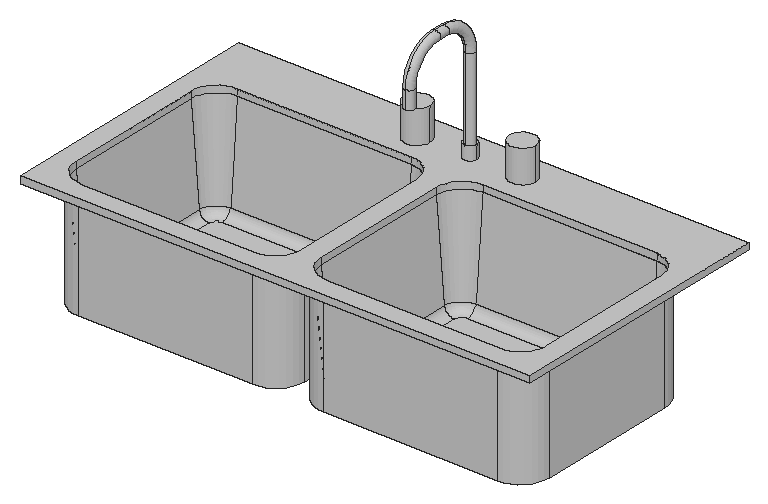
Revit family "Sink Kitchen-Double (NZ)", category 위생기구, Revit 2026
Family settings
  원형 커넥터 치수 = 지름 사용
  부품 유형 = 보통
  작업 기준면 기반 = 아니오
  뷰에서 절단 사용 = 아니오
  항상 수직 = 예
  로드될 때 보이드를 사용하여 절단 = 아니오
  주석 방향 유지 = 아니오
  공유 = 예
  룸 계산 점 = 아니오
Parameters (values of type "1000 x 535mm")
  기본 높이 = 0.00 mm
  Counter Height = 900.00 mm
  Depth = 535.00 mm
  Fixture Material = Metal - Steel, Polished
  Sink Material = Metal - Steel, Polished
  Width = 1000.00 mm
Reference planes
  plane 1 "Center (Front/Back)": y = -35.755
  plane 2: z = 0
  plane 3 "Center (Left/Right)": x = 15.689
  plane 4: y = 269.845
  plane 5: y = -265.155
  plane 6: x = -484.311
  plane 7: x = 515.689
  plane 8 "Top Of Counter": z = 900
  plane 9: z = 912.7
  plane 10: z = 684.1
  plane 11: y = 155.545
  plane 12: x = -446.211
  plane 13: y = -227.055
  plane 14: x = 477.589
  plane 15: x = -85.911
  plane 16: x = 117.289
  plane 17: y = 212.695
  plane 18: y = 212.695
  plane 19: y = 212.695
  plane 20: z = 1163.525
  plane 21: y = 63.47
  plane 22: z = 976.2
  plane 23: z = 938.1
  plane 24: x = -3.361
  plane 25: x = 34.739
  plane 26: x = -215.261
  plane 27: x = 246.639
Forms (mm)
  Extrusion 1, solid, material "Metal - Steel, Polished" <- "Sink Material"
    sketch origin (0, 0, 0) x (1, 0, 0) y (0, 1, 0)
      loop
        line (-484.311, 269.845) -> (-484.311, -265.155) -> (515.689, -265.155) -> (515.689, 269.845) -> (-484.311, 269.845)
      loop
        arc (-395.411, 155.545) -> (-431.332, 140.666) -> (-446.211, 104.745) r 50.8
        line (-446.211, 104.745) -> (-446.211, -176.255)
        arc (-446.211, -176.255) -> (-431.332, -212.176) -> (-395.411, -227.055) r 50.8
        line (-395.411, -227.055) -> (-54.161, -227.055)
        arc (-54.161, -227.055) -> (-18.24, -212.176) -> (-3.361, -176.255) r 50.8
        line (-3.361, -176.255) -> (-3.361, 104.745)
        arc (-3.361, 104.745) -> (-18.24, 140.666) -> (-54.161, 155.545) r 50.8
        line (-54.161, 155.545) -> (-395.411, 155.545)
      loop
        arc (426.789, -227.055) -> (462.71, -212.176) -> (477.589, -176.255) r 50.8
        line (477.589, -176.255) -> (477.589, 104.745)
        arc (477.589, 104.745) -> (462.71, 140.666) -> (426.789, 155.545) r 50.8
        line (426.789, 155.545) -> (85.539, 155.545)
        arc (85.539, 155.545) -> (49.618, 140.666) -> (34.739, 104.745) r 50.8
        line (34.739, 104.745) -> (34.739, -176.255)
        arc (34.739, -176.255) -> (49.618, -212.176) -> (85.539, -227.055) r 50.8
        line (85.539, -227.055) -> (426.789, -227.055)
    from 900 to 912.7
  Sweep 2, solid, material "Metal - Steel, Polished" <- "Sink Material"
    path origin (0, 0, 0) x (1, 0, 0) y (0, 1, 0)
      loop
        arc (-395.411, 155.545) -> (-431.332, 140.666) -> (-446.211, 104.745) r 50.8
        line (-446.211, 104.745) -> (-446.211, -176.255)
        arc (-446.211, -176.255) -> (-431.332, -212.176) -> (-395.411, -227.055) r 50.8
        line (-395.411, -227.055) -> (-54.161, -227.055)
        arc (-54.161, -227.055) -> (-18.24, -212.176) -> (-3.361, -176.255) r 50.8
        line (-3.361, -176.255) -> (-3.361, 104.745)
        arc (-3.361, 104.745) -> (-18.24, 140.666) -> (-54.161, 155.545) r 50.8
        line (-54.161, 155.545) -> (-395.411, 155.545)
    profile origin (-224.786, 0, 0) x (0, 1, 0) y (0, 0, 1)
      loop
        line (155.545, 900) -> (139.011, 711.015)
        arc (139.011, 711.015) -> (132.904, 698.63) -> (120.034, 693.625) r 19.05
        line (120.034, 693.625) -> (117.445, 693.625) -> (117.445, 684.1) -> (161.895, 684.1) -> (161.895, 900) -> (155.545, 900)
  Extrusion 3, solid, material "Metal - Steel, Polished" <- "Sink Material"
    sketch origin (0, 0, 0) x (1, 0, 0) y (0, 1, 0)
      loop
        arc (-395.411, 117.445) -> (-404.391, 113.726) -> (-408.111, 104.745) r 12.7
        line (-408.111, 104.745) -> (-408.111, -176.255)
        arc (-408.111, -176.255) -> (-404.391, -185.235) -> (-395.411, -188.955) r 12.7
        line (-395.411, -188.955) -> (-54.161, -188.955)
        arc (-54.161, -188.955) -> (-45.181, -185.235) -> (-41.461, -176.255) r 12.7
        line (-41.461, -176.255) -> (-41.461, 104.745)
        arc (-41.461, 104.745) -> (-45.181, 113.726) -> (-54.161, 117.445) r 12.7
        line (-54.161, 117.445) -> (-395.411, 117.445)
      loop
        circle (-215.261, -35.755) r 25.4
    from 684.1 to 693.625
  Extrusion 4, solid, material "Metal - Steel, Polished" <- "Fixture Material"
    sketch origin (0, 0, 0) x (1, 0, 0) y (0, 1, 0)
      loop
        circle (-85.911, 209.617) r 25.4
      loop
        circle (117.289, 214.813) r 25.4
    from 912.7 to 976.2
  Sweep 5, solid, material "Metal - Steel, Polished" <- "Fixture Material"
    path origin (15.689, 0, 0) x (0, 1, 0) y (0, 0, 1)
      loop
        line (212.695, 912.7) -> (212.695, 1100.025)
        arc (212.695, 1100.025) -> (194.097, 1144.926) -> (149.195, 1163.525) r 63.5
        line (149.195, 1163.525) -> (126.97, 1163.525)
        arc (126.97, 1163.525) -> (82.069, 1144.926) -> (63.47, 1100.025) r 63.5
        line (63.47, 1100.025) -> (63.47, 1065.1)
    profile origin (15.689, 0, 1006.363) x (0, -1, 0) y (1, 0, 0)
      loop
        circle (-212.695, 0) r 9.525
  Extrusion 6, solid, material "Metal - Steel, Polished" <- "Fixture Material"
    sketch origin (0, 0, 0) x (1, 0, 0) y (0, 1, 0)
      loop
        circle (15.689, 212.695) r 12.7
    from 912.7 to 938.1
  Sweep 7, solid, material "Metal - Steel, Polished" <- "Sink Material"
    path origin (31.378, 0, 0) x (-1, 0, 0) y (0, -1, 0)
      loop
        line (-395.411, -155.545) -> (-54.161, -155.545)
        arc (-54.161, -155.545) -> (-18.24, -140.666) -> (-3.361, -104.745) r 50.8
        line (-3.361, -104.745) -> (-3.361, 176.255)
        arc (-3.361, 176.255) -> (-18.24, 212.176) -> (-54.161, 227.055) r 50.8
        line (-54.161, 227.055) -> (-395.411, 227.055)
        arc (-395.411, 227.055) -> (-431.332, 212.176) -> (-446.211, 176.255) r 50.8
        line (-446.211, 176.255) -> (-446.211, -104.745)
        arc (-446.211, -104.745) -> (-431.332, -140.666) -> (-395.411, -155.545) r 50.8
    profile origin (256.164, 0, 0) x (0, -1, 0) y (0, 0, 1)
      loop
        line (-155.545, 900) -> (-161.895, 900) -> (-161.895, 684.1) -> (-117.445, 684.1) -> (-117.445, 693.625) -> (-120.034, 693.625)
        arc (-120.034, 693.625) -> (-132.904, 698.63) -> (-139.011, 711.015) r 19.05
        line (-139.011, 711.015) -> (-155.545, 900)
  Extrusion 8, solid, material "Metal - Steel, Polished" <- "Sink Material"
    sketch origin (0, 0, 0) x (1, 0, 0) y (0, 1, 0)
      loop
        arc (85.539, 120.034) -> (76.559, 116.314) -> (72.839, 107.334) r 12.7
        line (72.839, 107.334) -> (72.839, -176.255)
        arc (72.839, -176.255) -> (76.559, -185.235) -> (85.539, -188.955) r 12.7
        line (85.539, -188.955) -> (426.789, -188.955)
        arc (426.789, -188.955) -> (435.769, -185.235) -> (439.489, -176.255) r 12.7
        line (439.489, -176.255) -> (439.489, 107.334)
        arc (439.489, 107.334) -> (435.769, 116.314) -> (426.789, 120.034) r 12.7
        line (426.789, 120.034) -> (85.539, 120.034)
      loop
        circle (246.639, -35.755) r 25.4
    from 684.1 to 693.625
Cuts and joins
  joined: Sweep 5, Extrusion 6
  joined: Sweep 2, Extrusion 3
  joined: Sweep 7, Extrusion 8
Lines and regions (mm)
  symbolic lines
    curve 1: line (515.689, 269.845, 0) -> (-484.311, 269.845, 0)
    curve 2: line (515.689, -265.155, 0) -> (515.689, 269.845, 0)
    curve 3: line (-484.311, -265.155, 0) -> (515.689, -265.155, 0)
    curve 4: line (-484.311, 269.845, 0) -> (-484.311, -265.155, 0)
    curve 5: line (-446.211, 104.745, 0) -> (-446.211, -176.255, 0)
    curve 6: line (-395.411, -227.055, 0) -> (-54.161, -227.055, 0)
    curve 7: line (477.589, -176.255, 0) -> (477.589, 104.745, 0)
    curve 8: line (426.789, 155.545, 0) -> (85.539, 155.545, 0)
    curve 9: arc (477.589, 104.745, 0) -> (462.71, 140.666, 0) -> (426.789, 155.545, 0) r 50.8
    curve 10: arc (426.789, -227.055, 0) -> (462.71, -212.176, 0) -> (477.589, -176.255, 0) r 50.8
    curve 11: arc (-446.211, -176.255, 0) -> (-431.332, -212.176, 0) -> (-395.411, -227.055, 0) r 50.8
    curve 12: arc (-395.411, 155.545, 0) -> (-431.332, 140.666, 0) -> (-446.211, 104.745, 0) r 50.8
    curve 13: arc (-60.511, 209.617, 0) -> (-85.911, 235.017, 0) -> (-111.311, 209.617, 0) r 25.4
    curve 14: arc (142.689, 214.813, 0) -> (117.289, 240.213, 0) -> (91.889, 214.813, 0) r 25.4
    curve 15: arc (-111.311, 209.617, 0) -> (-85.911, 184.217, 0) -> (-60.511, 209.617, 0) r 25.4
    curve 16: arc (91.889, 214.813, 0) -> (117.289, 189.413, 0) -> (142.689, 214.813, 0) r 25.4
    curve 17: arc (28.389, 212.695, 0) -> (15.689, 225.395, 0) -> (2.989, 212.695, 0) r 12.7
    curve 18: line (2.989, 212.695, 0) -> (2.989, 15.045, 0)
    curve 19: line (28.389, 212.695, 0) -> (28.389, 15.045, 0)
    curve 20: arc (28.389, 15.045, 0) -> (15.689, 2.345, 0) -> (2.989, 15.045, 0) r 12.7
    curve 21: line (-3.361, 104.745, 0) -> (-3.361, -176.255, 0)
    curve 22: line (34.739, 104.745, 0) -> (34.739, -176.255, 0)
    curve 23: line (85.539, -227.055, 0) -> (426.789, -227.055, 0)
    curve 24: line (-54.161, 155.545, 0) -> (-395.411, 155.545, 0)
    curve 25: arc (85.539, 155.545, 0) -> (49.618, 140.666, 0) -> (34.739, 104.745, 0) r 50.8
    curve 26: arc (34.739, -176.255, 0) -> (49.618, -212.176, 0) -> (85.539, -227.055, 0) r 50.8
    curve 27: arc (-3.361, -176.255, 0) -> (-18.24, -212.176, 0) -> (-54.161, -227.055, 0) r 50.8
    curve 28: arc (-3.361, 104.745, 0) -> (-18.24, 140.666, 0) -> (-54.161, 155.545, 0) r 50.8
    curve 29: arc (-240.661, -35.755, 0) -> (-215.261, -10.355, 0) -> (-189.861, -35.755, 0) r 25.4
    curve 30: arc (-189.861, -35.755, 0) -> (-215.261, -61.155, 0) -> (-240.661, -35.755, 0) r 25.4
    curve 31: arc (221.239, -35.755, 0) -> (246.639, -10.355, 0) -> (272.039, -35.755, 0) r 25.4
    curve 32: arc (272.039, -35.755, 0) -> (246.639, -61.155, 0) -> (221.239, -35.755, 0) r 25.4
Dimensions and locks
  equal spacing: plane 6, plane 3 "Center (Left/Right)", plane 7
  "Width": plane 6 to plane 7
  "Depth": plane 5 to plane 4
  "Counter Height": plane 8 "Top Of Counter" to plane 2
  locked: plane 9 to plane 8 "Top Of Counter" at 12.7
  locked: plane 8 "Top Of Counter" to plane 10 at 215.9
  locked: plane 6 to plane 12 at 38.1
  locked: plane 14 to plane 7 at 38.1
  locked: plane 11 to plane 4 at 114.3
  locked: plane 5 to plane 13 at 38.1
  equal spacing: plane 11, plane 17, plane 4
  equal spacing: plane 11, plane 18, plane 4
  equal spacing: plane 4, plane 19, plane 11
  locked: plane 19 to plane 21 at 149.225
  locked: plane 20 to plane 9 at 250.825
  locked: plane 22 to plane 9 at 63.5
  locked: plane 23 to plane 9 at 25.4
  plane 24 to plane 3 "Center (Left/Right)" to plane 25 = 19.05 mm locked, 19.05 mm locked
  equal spacing: plane 12, plane 26, plane 3 "Center (Left/Right)"
  equal spacing: plane 3 "Center (Left/Right)", plane 27, plane 14
  equal spacing: plane 13, plane 1 "Center (Front/Back)", plane 11
  aligned and locked: Extrusion 1 sketch curve to plane 5
  aligned and locked: plane 7 to Extrusion 1 sketch curve
  aligned and locked: plane 4 to Extrusion 1 sketch curve
  aligned and locked: Extrusion 1 sketch curve to plane 6
  aligned and locked: plane 8 "Top Of Counter" to Extrusion 1
  aligned and locked: Extrusion 1 to plane 9
  aligned and locked: plane 11 to Extrusion 1 sketch curve
  aligned and locked: plane 14 to Extrusion 1 sketch curve
  aligned and locked: Extrusion 1 sketch curve to plane 12
  aligned and locked: Extrusion 1 sketch curve to plane 13
  aligned and locked: plane 11 to Sweep 2 sketch curve
  aligned and locked: Sweep 2 sketch curve to plane 12
  aligned and locked: Sweep 2 sketch curve to plane 13
  aligned and locked: Sweep 2 to Extrusion 3 sketch curve  (x4)
  aligned and locked: Sweep 2 to Extrusion 3
  aligned and locked: plane 10 to Extrusion 3
  aligned and locked: Sweep 2 sketch curve to plane 10
  aligned and locked: plane 8 "Top Of Counter" to Sweep 2 sketch curve
  aligned and locked: Extrusion 4 to Extrusion 1
  aligned and locked: Extrusion 6 to Extrusion 1
  aligned and locked: Sweep 5 sketch curve to plane 19
  aligned and locked: plane 20 to Sweep 5 sketch curve
  aligned and locked: plane 21 to Sweep 5 sketch curve
  aligned and locked: Extrusion 4 to plane 22
  aligned and locked: Extrusion 6 to plane 23
  aligned and locked: Sweep 2 sketch curve to Extrusion 1
  aligned and locked: Sweep 7 sketch curve to plane 14
  aligned and locked: Sweep 7 sketch curve to Extrusion 1
  aligned and locked: Sweep 7 sketch curve to plane 11
  aligned and locked: plane 13 to Sweep 7 sketch curve
  aligned and locked: Extrusion 8 to Sweep 2
  aligned and locked: plane 10 to Extrusion 8
  aligned and locked: curve 29 to Extrusion 3
  aligned and locked: curve 31 to Extrusion 8
  aligned and locked: Extrusion 8 sketch curve to Sweep 7
  aligned and locked: Sweep 7 sketch curve to plane 8 "Top Of Counter"
  aligned and locked: plane 10 to Sweep 7 sketch curve
Automatic sketch dimensions
  Sweep 2 sketch curve to profile plane = 0.00 mm
  profile plane to Sweep 2 sketch curve = 16.534 mm
  Sweep 2 sketch curve to Sweep 2 sketch curve = 18.978 mm
  Sweep 2 sketch curve to Sweep 2 sketch curve = 2.588 mm
  Sweep 2 sketch curve to profile plane = 6.35 mm
  Sweep 2 sketch curve to Sweep 2 sketch curve = 9.525 mm
  Sweep 2 sketch curve to Sweep 2 sketch curve = 17.39 mm
  Extrusion 4 sketch curve to plane 15 = 0.00 mm
  Extrusion 4 sketch curve to plane 16 = 0.00 mm
  plane 17 to Extrusion 4 sketch curve = 3.079 mm
  plane 15 to Extrusion 4 sketch curve = 25.40 mm
  Extrusion 4 sketch curve to plane 17 = 2.118 mm
  plane 16 to Extrusion 4 sketch curve = 25.40 mm
  Sweep 5 sketch curve to plane 3 "Center (Left/Right)" = 0.00 mm
  Sweep 5 sketch curve to profile plane = 0.00 mm
  profile plane to Sweep 5 sketch curve = 9.525 mm
  Extrusion 6 sketch curve to plane 18 = 0.00 mm
  Extrusion 6 sketch curve to plane 3 "Center (Left/Right)" = 0.00 mm
  Extrusion 6 sketch curve to plane 3 "Center (Left/Right)" = 12.70 mm
  Sweep 5 sketch curve to plane 9 = 0.00 mm
  Sweep 5 sketch curve to Sweep 5 sketch curve = 63.50 mm
  plane 11 to Sweep 5 sketch curve = 6.35 mm
  Sweep 5 sketch curve to Sweep 5 sketch curve = 34.925 mm
  Extrusion 1 sketch curve to plane 13 = 0.00 mm
  Extrusion 1 sketch curve to plane 24 = 0.00 mm
  Extrusion 1 sketch curve to plane 25 = 0.00 mm
  Extrusion 1 sketch curve to plane 11 = 0.00 mm
  Extrusion 1 sketch curve to plane 12 = 50.80 mm  (x2)
  Extrusion 1 sketch curve to plane 3 "Center (Left/Right)" = 69.85 mm  (x2)
  plane 3 "Center (Left/Right)" to Extrusion 1 sketch curve = 69.85 mm  (x2)
  plane 14 to Extrusion 1 sketch curve = 50.80 mm
  Extrusion 1 sketch curve to Extrusion 1 sketch curve = 50.80 mm
  Sweep 2 sketch curve to plane 12 = 50.80 mm  (x2)
  Sweep 2 sketch curve to plane 3 "Center (Left/Right)" = 69.85 mm  (x2)
  plane 14 to Sweep 7 sketch curve = 50.80 mm  (x2)
  Sweep 7 sketch curve to Sweep 7 sketch curve = 50.80 mm
  plane 3 "Center (Left/Right)" to Sweep 7 sketch curve = 69.85 mm
  Extrusion 3 sketch curve to plane 1 "Center (Front/Back)" = 0.00 mm
  Extrusion 3 sketch curve to plane 26 = 0.00 mm
  Extrusion 3 sketch curve to Extrusion 3 sketch curve = 12.70 mm  (x4)
  plane 26 to Extrusion 3 sketch curve = 25.40 mm
  Extrusion 8 sketch curve to plane 1 "Center (Front/Back)" = 0.00 mm
  Extrusion 8 sketch curve to plane 27 = 0.00 mm
  plane 27 to Extrusion 8 sketch curve = 25.40 mm
  plane 3 "Center (Left/Right)" to Extrusion 8 sketch curve = 69.85 mm  (x2)
  Extrusion 8 sketch curve to Extrusion 8 sketch curve = 12.70 mm  (x2)
  plane 11 to Extrusion 8 sketch curve = 48.212 mm
  Extrusion 8 sketch curve to plane 13 = 50.80 mm
  plane 7 to Extrusion 8 sketch curve = 88.90 mm
  Sweep 7 sketch curve to profile plane = 0.00 mm
  profile plane to Sweep 7 sketch curve = 6.35 mm
  Sweep 7 sketch curve to profile plane = 16.534 mm
  Sweep 7 sketch curve to Sweep 7 sketch curve = 18.978 mm
  Sweep 7 sketch curve to Sweep 7 sketch curve = 2.588 mm
  Sweep 7 sketch curve to Sweep 7 sketch curve = 1.66 mm
  Sweep 7 sketch curve to Sweep 7 sketch curve = 26.915 mm
  curve 1 to plane 4 = 0.00 mm
  curve 1 to plane 6 = 0.00 mm
  curve 5 to plane 12 = 0.00 mm
  curve 24 to plane 11 = 0.00 mm
  curve 6 to plane 13 = 0.00 mm
  curve 17 to plane 3 "Center (Left/Right)" = 0.00 mm
  curve 23 to plane 13 = 0.00 mm
  curve 25 to plane 11 = 0.00 mm
  curve 9 to plane 14 = 0.00 mm
  curve 3 to plane 5 = 0.00 mm
  curve 3 to plane 7 = 0.00 mm
  curve 24 to plane 12 = 50.80 mm
  curve 6 to plane 12 = 50.80 mm
  curve 13 to plane 26 = 103.95 mm
  curve 15 to curve 13 = 25.40 mm
  curve 6 to plane 3 "Center (Left/Right)" = 69.85 mm
  curve 28 to plane 3 "Center (Left/Right)" = 69.85 mm
  curve 21 to plane 3 "Center (Left/Right)" = 19.05 mm
  curve 20 to curve 20 = 12.70 mm
  plane 3 "Center (Left/Right)" to curve 26 = 19.05 mm
  plane 3 "Center (Left/Right)" to curve 23 = 69.85 mm
  plane 3 "Center (Left/Right)" to curve 25 = 69.85 mm
  curve 8 to curve 16 = 6.35 mm
  curve 14 to curve 16 = 25.40 mm
  plane 11 to curve 9 = 50.80 mm
  plane 14 to curve 23 = 50.80 mm
  curve 20 to plane 1 "Center (Front/Back)" = 50.80 mm
  curve 13 to plane 11 = 54.071 mm
  plane 4 to curve 18 = 57.15 mm
  plane 4 to curve 14 = 55.032 mm
